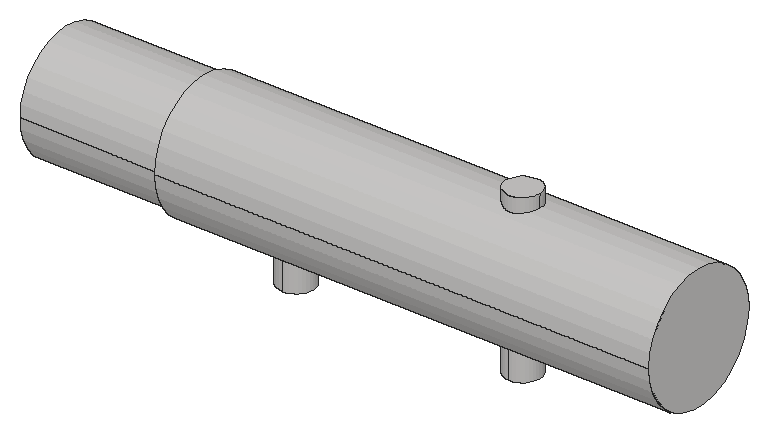
Revit family "BIMLIB_Коллектор_462_2_РОСТерм", category Оборудование, Revit 2017
Family settings
  Размер круглого соединителя = Использовать диаметр
  Тип детали = Нормальный
  На основе рабочей плоскости = Нет
  Всегда вертикально = Да
  При загрузке вырезать с полостями = Нет
  Общий = Нет
  Точка расчета площади = Нет
Parameters (values of type "Коллектор HEIZEN 462 Ду50 на 2 выхода")
  РТ_Шаг = 100 mm
  РТ_l = 100 mm  # constant formula
  РТ_R1 = РТ_R + 5 mm  # 32 mm
  РТ_R = 27 mm
  РТ_R_низ = РТ_DN_низ / 2  # 7.5 mm
  РТ_DN3 = 15 mm  # constant formula
  Описание = "Коллекторы Heizen изготовлены из высококачественной латуни и нержавеющей стали, что исключает риск протечек. Коллекторы могут быть оснащены различными видами арматуры: ручными балансировочными клапанами,ручными запорными клапанами, термостатическими клапанами, расходомерами, воздухоотводчиками и дренажными кранами."
  РТ_DN_низ = 15 mm  # constant formula
  РТ_DN_бок = 50 mm
  Изготовитель = "РОСТерм"  # constant formula
  URL = "http://rostherm.ru/"
  BL_Разработано = "support@bimlib.ru"  # constant formula
  BL_Email = "rostherm@bimlib.ru"  # constant formula
  BL_BIM library = "https://bimlib.pro/manufacturer/rosterm/1632/"
  ADSK_Расход жидкости [instance] = 0.0 L/s
  ADSK_Примечание = ""
  ADSK_Позиция = ""
  ADSK_Обозначение = "ГОСТ 12.2.063-2015"  # constant formula
  ADSK_Наименование краткое = "HEIZEN 462 Ду50"
  ADSK_Наименование = "Коллектор HEIZEN 462 для систем отопения, горячего и холодного водоснабжения сварной Ду50 на 2 выхода"
  ADSK_Материал = BIMLIB_Нержавеющая_сталь_РОСТерм
  ADSK_Масса_Текст = ""
  ADSK_Масса = 0
  ADSK_Марка = "HEIZEN 462"  # constant formula
  ADSK_Код изделия = "462-50-10-02"
  ADSK_Завод-изготовитель = "Heizen"  # constant formula
  ADSK_Единица измерения = "шт."  # constant formula
  ADSK_Версия Revit = "2017"  # constant formula
  ADSK_URL страницы изделия = "http://rostherm.ru/kollektory/"
  ADSK_URL документации изделия = "http://rostherm.ru/"
Types (4, lengths in mm): name | РТ_R1 | РТ_R | РТ_DN_бок | ADSK_Наименование краткое | ADSK_Наименование | ADSK_Код изделия
  Коллектор HEIZEN 462 Ду50 на 2 выхода | 32 | 27 | 50 | "HEIZEN 462 Ду50" | "Коллектор HEIZEN 462 для систем отопения, горячего и холодного водоснабжения сварной Ду50 на 2 выхода" | "462-50-10-02"
  Коллектор HEIZEN 462 Ду40 на 2 выхода | 27 | 22 | 40 | "HEIZEN 462 Ду40" | "Коллектор HEIZEN 462 для систем отопения, горячего и холодного водоснабжения сварной Ду40 на 2 выхода" | "462-40-10-02"
  Коллектор HEIZEN 462 Ду32 на 2 выхода | 23 | 18 | 32 | "HEIZEN 462 Ду32" | "Коллектор HEIZEN 462 для систем отопения, горячего и холодного водоснабжения сварной Ду32 на 2 выхода" | "462-32-10-02"
  Коллектор HEIZEN 462 Ду25 на 2 выхода | 20 | 15 | 25 | "HEIZEN 462 Ду25" | "Коллектор HEIZEN 462 для систем отопения, горячего и холодного водоснабжения сварной Ду25 на 2 выхода" | "462-25-10-02"
Reference planes
  plane 1 "По центру (Вперед/Назад)": y = 0
  plane 2: z = 0
  plane 3 "По центру (Влево/Вправо)": x = 0
  plane 4: x = 100
  plane 5: x = 1185
  plane 6: x = 60
  plane 7: z = 32
Forms (mm)
  Extrusion 1, solid, material "BIMLIB_Нержавеющая_сталь_РОСТерм" <- "ADSK_Материал", detail levels medium+fine
    sketch origin (65, 0, 0) x (0, 1, 0) y (0, 0, 1)
      loop
        circle (0, 0) r 27
    from -5 to 210
  Sweep 2, solid, material "BIMLIB_Нержавеющая_сталь_РОСТерм" <- "ADSK_Материал", detail levels medium+fine
    path origin (65, 0, 7.5) x (1, 0, 0) y (0, 0, 1)
      loop
        line (35, -7.5) -> (35, -47.5)
    profile origin (100, 0, -20) x (0, -1, 0) y (1, 0, 0)
      loop
        circle (0, 0) r 7.5
  Sweep 3, solid, material "BIMLIB_Нержавеющая_сталь_РОСТерм" <- "ADSK_Материал", detail levels medium+fine
    path origin (163.636, 0, 7.5) x (1, 0, 0) y (0, 0, 1)
      loop
        line (35, -7.5) -> (35, -47.5)
    profile origin (198.636, 0, -20) x (0, -1, 0) y (1, 0, 0)
      loop
        circle (0, 0) r 7.5
  Extrusion 4, solid, material "BIMLIB_Нержавеющая_сталь_РОСТерм" <- "ADSK_Материал", detail levels medium+fine
    sketch origin (50, 0, 0) x (0, 1, 0) y (0, 0, 1)
      loop
        circle (0, 0) r 25
    from -50 to 10
  Extrusion 5, solid, material "BIMLIB_Нержавеющая_сталь_РОСТерм" <- "ADSK_Материал", detail levels medium+fine
    sketch origin (-986.364, 0, 0) x (1, 0, 0) y (0, 1, 0)
      loop
        circle (1185, 0) r 7.5
    from 0 to 32
Lines and regions (mm)
  model lines, detail levels coarse
    curve 1: line (0, 0, 0) -> (275, 0, 0)
    curve 2: line (100, 0, 0) -> (100, 0, -40)
    curve 3: line (198.636, 0, 0) -> (198.636, 0, -40)
Dimensions and locks
  "РТ_l": plane 4 to plane 3 "По центру (Влево/Вправо)"
  Sweep 2 sketch curve to Sweep 2 sketch curve = 40 mm
  Sweep 3 sketch curve to Sweep 3 sketch curve = 40 mm
  locked: plane 4 to plane 6 at 40
  "РТ_R1": plane 7 to level
  "РТ_R": radius of Extrusion 1 sketch curve
  "РТ_R_низ": radius of Sweep 2 sketch curve
  "РТ_R_низ": radius of Sweep 3 sketch curve
  "РТ_DN_бок": diameter of Extrusion 4 sketch curve
  "РТ_DN_низ": diameter of Extrusion 5 sketch curve
  aligned and locked: level to plane 2
  aligned and locked: Extrusion 1 to plane 6
  aligned and locked: Extrusion 4 to plane 3 "По центру (Влево/Вправо)"
  aligned and locked: Extrusion 4 to Extrusion 1
  aligned and locked: plane 7 to Extrusion 5
  aligned and locked: curve 1 to Extrusion 1
Automatic sketch dimensions
  Sweep 2 sketch curve to profile plane = 0 mm
  profile plane to Sweep 2 sketch curve = 0 mm
  Sweep 3 sketch curve to profile plane = 0 mm
  profile plane to Sweep 3 sketch curve = 0 mm
  Extrusion 1 sketch curve to level = 0 mm
  Extrusion 1 sketch curve to plane 1 "По центру (Вперед/Назад)" = 0 mm
  curve 1 to plane 3 "По центру (Влево/Вправо)" = 0 mm
  curve 2 to plane 4 = 0 mm
  curve 2 to curve 3 = 98.636 mm
  curve 3 to curve 1 = 76.364 mm
  curve 3 to curve 3 = 40 mm
  curve 2 to curve 2 = 40 mm
  plane 1 "По центру (Вперед/Назад)" to Extrusion 5 sketch curve = 0 mm
  plane 4 to Extrusion 5 sketch curve = 98.636 mm
  Extrusion 4 sketch curve to level = 0 mm
  Extrusion 4 sketch curve to plane 1 "По центру (Вперед/Назад)" = 0 mm
Connectors
  piping at (100, 0, -40), diameter 15, driven by "РТ_DN_низ", driven by "ADSK_Расход жидкости"
    settings: on Sweep 2, index 3, connector inside diameter 609.6 mm, connector length 0 mm, flow factor 0, pipe flow 0.0 L/s, pressure drop 0.0 Pa, fitting loss kfactor 0, connector angle 0.00°, fixture units 0, engagement length 0 mm, angle of deflection 0.00°, flow configuration 0, flow direction 2, fitting loss method 0, system type 7, joint type 0, gender type 0, connector reference index -1, connector utility 0, adjustable connector no, is connector primary yes, connector description ""
  piping at (198.636, 0, -40), diameter 15, driven by "РТ_DN_низ", driven by "ADSK_Расход жидкости"
    settings: on Sweep 3, index 4, connector inside diameter 609.6 mm, connector length 0 mm, flow factor 0, pipe flow 0.0 L/s, pressure drop 0.0 Pa, fitting loss kfactor 0, connector angle 0.00°, fixture units 0, engagement length 0 mm, angle of deflection 0.00°, flow configuration 0, flow direction 2, fitting loss method 0, system type 7, joint type 0, gender type 0, connector reference index -1, connector utility 0, adjustable connector no, is connector primary no, connector description ""
  piping at (0, 0, 0), diameter 50, driven by "РТ_DN_бок", driven by "ADSK_Расход жидкости"
    settings: on Extrusion 4, index 38, connector inside diameter 609.6 mm, connector length 0 mm, flow factor 0, pipe flow 0.0 L/s, pressure drop 0.0 Pa, fitting loss kfactor 0, connector angle 0.00°, fixture units 0, engagement length 0 mm, angle of deflection 0.00°, flow configuration 0, flow direction 1, fitting loss method 0, system type 7, joint type 0, gender type 0, connector reference index -1, connector utility 0, adjustable connector no, is connector primary no, connector description ""
  piping at (198.636, 0, 32), diameter 15, driven by "РТ_DN3", driven by "ADSK_Расход жидкости"
    settings: on Extrusion 5, index 39, connector inside diameter 609.6 mm, connector length 0 mm, flow factor 0, pipe flow 0.0 L/s, pressure drop 0.0 Pa, fitting loss kfactor 0, connector angle 0.00°, fixture units 0, engagement length 0 mm, angle of deflection 0.00°, flow configuration 0, flow direction 0, fitting loss method 0, system type 29, joint type 0, gender type 0, connector reference index -1, connector utility 0, adjustable connector no, is connector primary no, connector description ""
